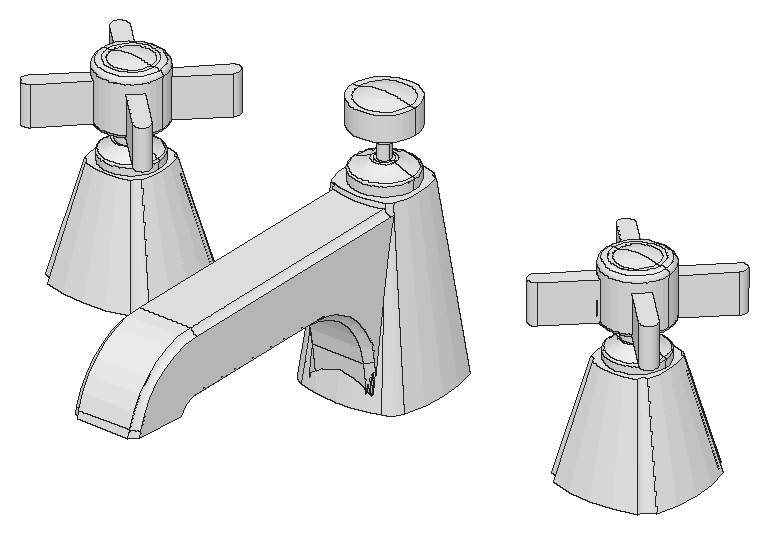
Revit family "Faucet_Traditional_Guinevere_TL970DD_TOTO", category Plumbing Fixtures, Revit 2013
Parameters
  ecoScorecard_data = " "
  ecoScorecard Product Page = "  "
  Width [instance] = 10"
  Waste Connection = no
  Warranty URL = "http://www.totousa.com/warranty-registration"
  Warranty = "Lifetime Limited Warranty (Residential Use); One Year Limited (Commercial Use)"  # constant formula
  WFU = 0
  Voltage = 0 V
  Vent Connection = yes
  URL = "http://www.totousa.com"
  Toto BIM Number = "BM-00045"  # constant formula
  Subcategory = "Faucets"  # constant formula
  Style = "Traditional"  # constant formula
  Spec Sheet URL = "http://assets.totousa.com/product-files/SS-00326_TL970DD.pdf"
  Sink Holes Applications = ""
  Shipping Weight = 8.50 lbf
  Series = "Guinevere"  # constant formula
  Product Page URL = " "
  Parts Manual URL = " "
  Owners Manual URL = "  "
  Number of Poles = 1
  Model = "TL970DD"  # constant formula
  Manufacturer Toll Free Phone = "1-888-295-8134\r\n"  # constant formula
  Manufacturer Phone = "(770) 282-8686 \r\n"  # constant formula
  Manufacturer Fax = "(770) 282-0002"  # constant formula
  Manufacturer Email = "mailto:custservice@totousa.com "
  Manufacturer Address = "1155 Southern Road, Morrow, Georgia 30260"  # constant formula
  Manufacturer = "TOTO USA, Inc."  # constant formula
  Installation URL = " "
  Hot Water Connection NPT Radius = Hot Water Connection Diameter / 2  # 1/4"
  Hot Water Connection Diameter = 1/2"
  Height = 4"  # constant formula
  HWFU = 0
  HW Connection = yes
  Frequency = 0 Hz
  Flow Rate = 0 GPM
  Flow Pressure [instance] = 0.00 psi
  Finish = Metal - TOTO - Chrome - Polished
  Description = "Widespread Lavatory Faucet"  # constant formula
  Depth = 6 1/2"  # constant formula
  Default Elevation = 48"
  Current = 0 A
  Cost Info = "mailto:custservice@totousa.com "
  Color Availability = "#CP Polished Chrome, #BN Brushed Nickel, #PN Polished Nickel"
  Cold Water Connection NPT Radius = Cold Water Connection Diameter / 2  # 1/4"
  Cold Water Connection Diameter = 1/2"
  CWFU = 0
  CW Connection = yes
  CAD Drawing URL = "http://assets.totousa.com/product-files/AD-00048_TL970DD.dxf"
  Assembly Code = "D2010"
  Apparent Power = 0 VA
  ADA Compliant = no
  95 CSI = "15416"  # constant formula
  04 CSI = "22 41 39"  # constant formula
Reference planes (in)
  plane 1 "Center (Front/Back)": y = 0
  plane 2: z = 0
  plane 3 "Center (Left/Right)": x = 0
  plane 4: z = 4
  plane 5: x = 4
  plane 6: x = -4
  plane 7: z = 1.64
  plane 8: y = 0.66
  plane 9: y = 0.8275
  plane 10: y = -0.66
  plane 11: y = -0.8275
  plane 12: x = 4.66
  plane 13: x = 4.8275
  plane 14: x = 3.34
  plane 15: x = 3.1725
  plane 16: z = 2.22
  plane 17: z = 2.82619
  plane 18: y = 0.9375
  plane 19: y = -5.5625
  plane 20: z = 2.76
  plane 21: y = 0.80257
  plane 22: y = 0.97227
  plane 23: y = -0.80257
  plane 24: y = -0.97227
  plane 25: x = -3.02773
  plane 26: x = -3.19743
  plane 27: x = -4.97227
  plane 28: x = -4.80257
  plane 29: y = 0.42658
  plane 30: y = -0.42658
  plane 31: y = -0.25799
  plane 32: y = 0.25799
  plane 33: x = -3.5723
  plane 34: x = -4.4277
  plane 35: x = -3.74312
  plane 36: x = -4.25688
  plane 37: y = 0.80257
  plane 38: y = 0.97227
  plane 39: y = -0.80257
  plane 40: y = -0.97227
  plane 41: x = 3.02773
  plane 42: x = 3.19743
  plane 43: x = 4.97227
  plane 44: x = 4.80257
  plane 45: y = 0.42658
  plane 46: y = -0.42658
  plane 47: y = -0.25799
  plane 48: y = 0.25799
  plane 49: x = 3.5723
  plane 50: x = 4.4277
  plane 51: x = 3.74312
  plane 52: x = 4.25688
  plane 53: x = -5.00742
  plane 54: x = 5.00742
  plane 55: x = 0.5
  plane 56: x = -0.5
  plane 57: y = -0.36348
  plane 58: z = 3.0625
  plane 59: y = 1.00742
Forms (in)
  SweptBlend 1, solid, material "Metal - TOTO - Chrome - Polished" <- "Finish"
    path origin (0, 0, 0) x (1, 0, 0) y (0, 0, 1)
      loop
        line (-4, 0) -> (-4, 1.64)
    profile origin (-4, 0, 0) x (-1, 0, 0) y (0, -1, 0)
      loop
        arc (0.8275, 0.66) -> (0.71615, 0.71615) -> (0.66, 0.8275) r 0.19922
        arc (0.66, 0.8275) -> (0, 0.9375) -> (-0.66, 0.8275) r 2.035
        arc (-0.66, 0.8275) -> (-0.71615, 0.71615) -> (-0.8275, 0.66) r 0.19922
        arc (-0.8275, 0.66) -> (-0.9375, 0) -> (-0.8275, -0.66) r 2.035
        arc (-0.8275, -0.66) -> (-0.71615, -0.71615) -> (-0.66, -0.8275) r 0.19922
        arc (-0.66, -0.8275) -> (0, -0.9375) -> (0.66, -0.8275) r 2.035
        arc (0.66, -0.8275) -> (0.71615, -0.71615) -> (0.8275, -0.66) r 0.19922
        arc (0.8275, -0.66) -> (0.9375, 0) -> (0.8275, 0.66) r 2.035
    end profile origin (-4, 0, 1.64) x (-1, 0, 0) y (0, -1, 0)
      loop
        arc (0.44575, 0.35552) -> (0.38577, 0.38577) -> (0.35552, 0.44575) r 0.10731
        arc (0.35552, 0.44575) -> (0, 0.505) -> (-0.35552, 0.44575) r 1.09619
        arc (-0.35552, 0.44575) -> (-0.38577, 0.38577) -> (-0.44575, 0.35552) r 0.10731
        arc (-0.44575, 0.35552) -> (-0.505, 0) -> (-0.44575, -0.35552) r 1.09619
        arc (-0.44575, -0.35552) -> (-0.38577, -0.38577) -> (-0.35552, -0.44575) r 0.10731
        arc (-0.35552, -0.44575) -> (0, -0.505) -> (0.35552, -0.44575) r 1.09619
        arc (0.35552, -0.44575) -> (0.38577, -0.38577) -> (0.44575, -0.35552) r 0.10731
        arc (0.44575, -0.35552) -> (0.505, 0) -> (0.44575, 0.35552) r 1.09619
  SweptBlend 2, solid, material "Metal - TOTO - Chrome - Polished" <- "Finish"
    path origin (0, 0, 0) x (-1, 0, 0) y (0, 0, 1)
      loop
        line (-4, 0) -> (-4, 1.64)
    profile origin (4, 0, 0) x (-1, 0, 0) y (0, -1, 0)
      loop
        arc (-0.8275, 0.66) -> (-0.9375, 0) -> (-0.8275, -0.66) r 2.035
        arc (-0.8275, -0.66) -> (-0.71615, -0.71615) -> (-0.66, -0.8275) r 0.19922
        arc (-0.66, -0.8275) -> (0, -0.9375) -> (0.66, -0.8275) r 2.035
        arc (0.66, -0.8275) -> (0.71615, -0.71615) -> (0.8275, -0.66) r 0.19922
        arc (0.8275, -0.66) -> (0.9375, 0) -> (0.8275, 0.66) r 2.035
        arc (0.8275, 0.66) -> (0.71615, 0.71615) -> (0.66, 0.8275) r 0.19922
        arc (0.66, 0.8275) -> (0, 0.9375) -> (-0.66, 0.8275) r 2.035
        arc (-0.66, 0.8275) -> (-0.71615, 0.71615) -> (-0.8275, 0.66) r 0.19922
    end profile origin (4, 0, 1.64) x (-1, 0, 0) y (0, -1, 0)
      loop
        arc (-0.44575, 0.35552) -> (-0.505, 0) -> (-0.44575, -0.35552) r 1.09619
        arc (-0.44575, -0.35552) -> (-0.38577, -0.38577) -> (-0.35552, -0.44575) r 0.10731
        arc (-0.35552, -0.44575) -> (0, -0.505) -> (0.35552, -0.44575) r 1.09619
        arc (0.35552, -0.44575) -> (0.38577, -0.38577) -> (0.44575, -0.35552) r 0.10731
        arc (0.44575, -0.35552) -> (0.505, 0) -> (0.44575, 0.35552) r 1.09619
        arc (0.44575, 0.35552) -> (0.38577, 0.38577) -> (0.35552, 0.44575) r 0.10731
        arc (0.35552, 0.44575) -> (0, 0.505) -> (-0.35552, 0.44575) r 1.09619
        arc (-0.35552, 0.44575) -> (-0.38577, 0.38577) -> (-0.44575, 0.35552) r 0.10731
  Revolve 3, solid, material "Metal - TOTO - Chrome - Polished" <- "Finish"
    sketch origin (0, 0, 0) x (1, 0, 0) y (0, 0, 1)
      loop
        line (-4, 1.64) -> (-3.55859, 1.64) -> (-3.55859, 1.74522)
        arc (-3.55859, 1.74522) -> (-3.56437, 1.76572) -> (-3.57998, 1.78019) r 0.03929
        arc (-3.57998, 1.78019) -> (-3.67631, 1.84805) -> (-3.75, 1.94) r 0.42
        line (-3.75, 1.94) -> (-3.785, 1.94) -> (-3.785, 2.11441)
        arc (-3.785, 2.11441) -> (-3.75993, 2.17493) -> (-3.69941, 2.2) r 0.08559
        line (-3.69941, 2.2) -> (-3.52873, 2.2)
        arc (-3.52873, 2.2) -> (-3.50842, 2.20842) -> (-3.5, 2.22873) r 0.02873
        line (-3.5, 2.22873) -> (-3.5, 2.96242)
        arc (-3.5, 2.96242) -> (-3.51285, 3.0088) -> (-3.54774, 3.04195) r 0.09012
        arc (-3.54774, 3.04195) -> (-3.58761, 3.05729) -> (-3.63, 3.0625) r 0.17493
        line (-3.63, 3.0625) -> (-4, 3.0625) -> (-4, 1.64)
      axis (-4, 1.64) -> (-4, 3.0625)
    angle from 0 to 360
  Revolve 4, solid, material "Metal - TOTO - Chrome - Polished" <- "Finish"
    sketch origin (0, 0, 0) x (-1, 0, 0) y (0, 0, 1)
      loop
        line (-4, 1.64) -> (-3.55859, 1.64) -> (-3.55859, 1.74522)
        arc (-3.55859, 1.74522) -> (-3.56437, 1.76572) -> (-3.57998, 1.78019) r 0.03929
        arc (-3.57998, 1.78019) -> (-3.67631, 1.84805) -> (-3.75, 1.94) r 0.42
        line (-3.75, 1.94) -> (-3.785, 1.94) -> (-3.785, 2.11441)
        arc (-3.785, 2.11441) -> (-3.75993, 2.17493) -> (-3.69941, 2.2) r 0.08559
        line (-3.69941, 2.2) -> (-3.52873, 2.2)
        arc (-3.52873, 2.2) -> (-3.50842, 2.20842) -> (-3.5, 2.22873) r 0.02873
        line (-3.5, 2.22873) -> (-3.5, 2.96242)
        arc (-3.5, 2.96242) -> (-3.51285, 3.0088) -> (-3.54774, 3.04195) r 0.09012
        arc (-3.54774, 3.04195) -> (-3.58761, 3.05729) -> (-3.63, 3.0625) r 0.17493
        line (-3.63, 3.0625) -> (-4, 3.0625) -> (-4, 1.64)
      axis (-4, 1.64) -> (-4, 3.0625)
    angle from 0 to 360
  Extrusion 5, solid, material "Metal - TOTO - Chrome - Polished" <- "Finish"
    sketch origin (2.5, -180, 2.82619) x (-1, 0, 0) y (0, -1, 0)
      loop
        line (6.0723, -180.25799) -> (5.52773, -180.80257)
        arc (5.52773, -180.80257) -> (5.52773, -180.97227) -> (5.69743, -180.97227) r 0.12
        line (5.69743, -180.97227) -> (6.24312, -180.42658)
        arc (6.24312, -180.42658) -> (6.14735, -180.35278) -> (6.0723, -180.25799) r 0.49567
      loop
        arc (6.9277, -180.25799) -> (6.85265, -180.35278) -> (6.75688, -180.42658) r 0.49567
        line (6.75688, -180.42658) -> (7.30257, -180.97227)
        arc (7.30257, -180.97227) -> (7.47227, -180.97227) -> (7.47227, -180.80257) r 0.12
        line (7.47227, -180.80257) -> (6.9277, -180.25799)
      loop
        arc (6.0723, -179.74201) -> (6.14735, -179.64722) -> (6.24312, -179.57342) r 0.49567
        line (6.24312, -179.57342) -> (5.69743, -179.02773)
        arc (5.69743, -179.02773) -> (5.52773, -179.02773) -> (5.52773, -179.19743) r 0.12
        line (5.52773, -179.19743) -> (6.0723, -179.74201)
      loop
        line (6.9277, -179.74201) -> (7.47227, -179.19743)
        arc (7.47227, -179.19743) -> (7.47227, -179.02773) -> (7.30257, -179.02773) r 0.12
        line (7.30257, -179.02773) -> (6.75688, -179.57342)
        arc (6.75688, -179.57342) -> (6.85265, -179.64722) -> (6.9277, -179.74201) r 0.49567
    from -0.60619 to 0
  SweptBlend 6, solid, material "Metal - TOTO - Chrome - Polished" <- "Finish"
    path origin (0, 0, 0) x (1, 0, 0) y (0, 0, 1)
      loop
        line (0, 0) -> (0, 2.76)
    profile origin (0, 0, 0) x (-1, 0, 0) y (0, -1, 0)
      loop
        arc (0.83545, 0.63634) -> (0.75959, 0.75959) -> (0.63634, 0.83545) r 0.3125
        arc (0.63634, 0.83545) -> (0, 0.9375) -> (-0.63634, 0.83545) r 2.035
        arc (-0.63634, 0.83545) -> (-0.75959, 0.75959) -> (-0.83545, 0.63634) r 0.3125
        arc (-0.83545, 0.63634) -> (-0.93746, -0.01248) -> (-0.8275, -0.66) r 2.035
        arc (-0.8275, -0.66) -> (-0.71615, -0.71615) -> (-0.66, -0.8275) r 0.19922
        arc (-0.66, -0.8275) -> (0, -0.9375) -> (0.66, -0.8275) r 2.035
        arc (0.66, -0.8275) -> (0.71615, -0.71615) -> (0.8275, -0.66) r 0.19922
        arc (0.8275, -0.66) -> (0.93746, -0.01248) -> (0.83545, 0.63634) r 2.035
    end profile origin (0, 0, 2.76) x (-1, 0, 0) y (0, -1, 0)
      loop
        arc (0.48781, 0.41267) -> (0.45862, 0.45862) -> (0.41267, 0.48781) r 0.125
        arc (0.41267, 0.48781) -> (0, 0.56) -> (-0.41267, 0.48781) r 1.21557
        arc (-0.41267, 0.48781) -> (-0.45862, 0.45862) -> (-0.48781, 0.41267) r 0.125
        arc (-0.48781, 0.41267) -> (-0.55996, 0.00977) -> (-0.49429, -0.39424) r 1.21557
        arc (-0.49429, -0.39424) -> (-0.42778, -0.42778) -> (-0.39424, -0.49429) r 0.119
        arc (-0.39424, -0.49429) -> (0, -0.56) -> (0.39424, -0.49429) r 1.21557
        arc (0.39424, -0.49429) -> (0.42778, -0.42778) -> (0.49429, -0.39424) r 0.119
        arc (0.49429, -0.39424) -> (0.55996, 0.00977) -> (0.48781, 0.41267) r 1.21557
  Revolve 7, solid, material "Metal - TOTO - Chrome - Polished" <- "Finish"
    sketch origin (0, 0, 0) x (1, 0, 0) y (0, 0, 1)
      loop
        line (0, 4) -> (0, 2.76) -> (0.47, 2.76) -> (0.47, 2.90518)
        arc (0.47, 2.90518) -> (0.46316, 2.92363) -> (0.44596, 2.93317) r 0.02832
        arc (0.44596, 2.93317) -> (0.30231, 2.97407) -> (0.17337, 3.04943) r 0.59523
        arc (0.17337, 3.04943) -> (0.15868, 3.05728) -> (0.14224, 3.06) r 0.05113
        line (0.14224, 3.06) -> (0.08984, 3.06) -> (0.08984, 3.32625) -> (0.15, 3.32625) -> (0.15, 3.42841)
        arc (0.15, 3.42841) -> (0.18415, 3.51085) -> (0.26659, 3.545) r 0.11659
        line (0.26659, 3.545) -> (0.31292, 3.545) -> (0.49, 3.545) -> (0.49, 3.925) -> (0.40146, 3.925)
        arc (0.40146, 3.925) -> (0.2042, 3.98109) -> (0, 4) r 1.11196
      axis (0, 2.76) -> (0, 4)
    angle from 0 to 360
  Extrusion 8, solid, material "Metal - TOTO - Chrome - Polished" <- "Finish"
    sketch origin (-2.5, -180, 2.82619) x (1, 0, 0) y (0, 1, 0)
      loop
        arc (6.0723, 180.25799) -> (6.14735, 180.35278) -> (6.24312, 180.42658) r 0.49567
        line (6.24312, 180.42658) -> (5.69743, 180.97227)
        arc (5.69743, 180.97227) -> (5.52773, 180.97227) -> (5.52773, 180.80257) r 0.12
        line (5.52773, 180.80257) -> (6.0723, 180.25799)
      loop
        line (6.9277, 180.25799) -> (7.47227, 180.80257)
        arc (7.47227, 180.80257) -> (7.47227, 180.97227) -> (7.30257, 180.97227) r 0.12
        line (7.30257, 180.97227) -> (6.75688, 180.42658)
        arc (6.75688, 180.42658) -> (6.85265, 180.35278) -> (6.9277, 180.25799) r 0.49567
      loop
        line (6.0723, 179.74201) -> (5.52773, 179.19743)
        arc (5.52773, 179.19743) -> (5.52773, 179.02773) -> (5.69743, 179.02773) r 0.12
        line (5.69743, 179.02773) -> (6.24312, 179.57342)
        arc (6.24312, 179.57342) -> (6.14735, 179.64722) -> (6.0723, 179.74201) r 0.49567
      loop
        arc (6.9277, 179.74201) -> (6.85265, 179.64722) -> (6.75688, 179.57342) r 0.49567
        line (6.75688, 179.57342) -> (7.30257, 179.02773)
        arc (7.30257, 179.02773) -> (7.47227, 179.02773) -> (7.47227, 179.19743) r 0.12
        line (7.47227, 179.19743) -> (6.9277, 179.74201)
    from -0.60619 to 0
  Extrusion 9, solid, material "Metal - TOTO - Chrome - Polished" <- "Finish"
    sketch origin (0, 0, 0) x (0, 1, 0) y (0, 0, 1)
      loop
        line (-4.32735, 1.69) -> (-2.0447, 1.69)
        arc (-2.0447, 1.69) -> (-1.27995, 1.39834) -> (-0.90363, 0.67151) r 1.14844
        line (-0.90363, 0.67151) -> (-0.83528, 0.07131) -> (-0.62911, 0.07131) -> (-0.36348, 2.69) -> (-4.32735, 2.69)
        arc (-4.32735, 2.69) -> (-5.08831, 2.43169) -> (-5.53476, 1.76352) r 1.25
        line (-5.53476, 1.76352) -> (-5.5625, 1.66) -> (-4.59657, 1.40118) -> (-4.56884, 1.5047)
        arc (-4.56884, 1.5047) -> (-4.47954, 1.63834) -> (-4.32735, 1.69) r 0.25
    from 0.5 to -0.5
  Sweep 10, void
    path origin (0, 0, 0) x (0, 1, 0) y (0, 0, 1)
      loop
        line (-0.36348, 2.69) -> (-4.32735, 2.69)
        arc (-4.32735, 2.69) -> (-5.08831, 2.43169) -> (-5.53476, 1.76352) r 1.25
        line (-5.53476, 1.76352) -> (-5.5625, 1.66)
    profile origin (0, -2.34542, 2.69) x (0, 0, -1) y (1, 0, 0)
      loop
        line (0, -0.5) -> (0.1, -0.5)
        arc (0.1, -0.5) -> (0.05917, -0.44083) -> (0, -0.4) r 0.19922
        line (0, -0.4) -> (0, -0.5)
      loop
        line (0, 0.5) -> (0, 0.4)
        arc (0, 0.4) -> (0.05917, 0.44083) -> (0.1, 0.5) r 0.19922
        line (0.1, 0.5) -> (0, 0.5)
  Sweep 11, void
    path origin (0, 0, 0) x (0, 1, 0) y (0, 0, 1)
      loop
        line (-4.59657, 1.40118) -> (-4.56884, 1.5047)
        arc (-4.56884, 1.5047) -> (-4.47954, 1.63834) -> (-4.32735, 1.69) r 0.25
        line (-4.32735, 1.69) -> (-2.0447, 1.69)
        arc (-2.0447, 1.69) -> (-1.27995, 1.39834) -> (-0.90363, 0.67151) r 1.14844
        line (-0.90363, 0.67151) -> (-0.83528, 0.07131)
    profile origin (0, -3.18602, 1.69) x (0, 0, 1) y (1, 0, 0)
      loop
        line (0, -0.5) -> (0.1, -0.5)
        arc (0.1, -0.5) -> (0.05917, -0.44083) -> (0, -0.4) r 0.19922
        line (0, -0.4) -> (0, -0.5)
      loop
        line (0, 0.5) -> (0, 0.4)
        arc (0, 0.4) -> (0.05917, 0.44083) -> (0.1, 0.5) r 0.19922
        line (0.1, 0.5) -> (0, 0.5)
  Extrusion 12, solid, material "Metal - TOTO - Chrome - Polished" <- "Finish"
    sketch origin (0, 0, 0) x (1, 0, 0) y (0, 1, 0)
      loop
        circle (4, 0) r 0.25
      loop
        circle (-4, 0) r 0.25
    from 0 to -0.125
  Revolve 13, solid, material "Metal - TOTO - Chrome - Polished" <- "Finish"
    sketch origin (0, 0, 0) x (1, 0, 0) y (0, 0, 1)
      loop
        line (-4, 3.0625) -> (-4, 3.1125)
        arc (-4, 3.1125) -> (-4.157, 3.09992) -> (-4.31, 3.0625) r 0.986
        line (-4.31, 3.0625) -> (-4, 3.0625)
      axis (-4, 3.0625) -> (-4, 3.1125)
    angle from 0 to 360
  Revolve 14, solid, material "Metal - TOTO - Chrome - Polished" <- "Finish"
    sketch origin (0, 0, 0) x (1, 0, 0) y (0, 0, 1)
      loop
        line (4, 3.0625) -> (4, 3.1125)
        arc (4, 3.1125) -> (3.843, 3.09992) -> (3.69, 3.0625) r 0.986
        line (3.69, 3.0625) -> (4, 3.0625)
      axis (4, 3.0625) -> (4, 3.1125)
    angle from 0 to 360
  Extrusion 15, void
    sketch origin (-0.5, -180, 2.69) x (0, 0, 1) y (0, 1, 0)
      loop
        line (-1.03, 174.4375) -> (-1.10122, 175.47174) -> (-1.35122, 175.47174) -> (-1.35122, 174.4375) -> (-1.03, 174.4375)
    from 0 to -1
Cuts and joins
  Sweep 10, Sweep 11, Extrusion 15 cuts Extrusion 9
  Sweep 11 cuts SweptBlend 6
Dimensions and locks (in)
  "Height": plane 4 to plane 2
  locked: plane 7 to plane 2 at 1.64
  locked: plane 1 "Center (Front/Back)" to SweptBlend 1 sketch curve at 0.66  (x2)
  locked: plane 1 "Center (Front/Back)" to SweptBlend 1 sketch curve at 0.8275  (x2)
  locked: SweptBlend 1 sketch curve to plane 1 "Center (Front/Back)" at 0.66  (x2)
  locked: SweptBlend 1 sketch curve to plane 1 "Center (Front/Back)" at 0.8275  (x2)
  locked: SweptBlend 1 sketch curve to plane 6 at 0.66  (x2)
  locked: SweptBlend 1 sketch curve to plane 6 at 0.8275  (x2)
  locked: plane 6 to SweptBlend 1 sketch curve at 0.66  (x2)
  locked: plane 6 to SweptBlend 1 sketch curve at 0.8275  (x2)
  locked: plane 1 "Center (Front/Back)" to SweptBlend 1 sketch curve at 0.35552
  locked: plane 1 "Center (Front/Back)" to SweptBlend 1 sketch curve at 0.44575
  locked: SweptBlend 1 sketch curve to plane 1 "Center (Front/Back)" at 0.35552
  locked: SweptBlend 1 sketch curve to plane 1 "Center (Front/Back)" at 0.44575
  locked: SweptBlend 1 sketch curve to plane 6 at 0.35552  (x2)
  locked: SweptBlend 1 sketch curve to plane 6 at 0.44575  (x2)
  SweptBlend 1 sketch curve to plane 1 "Center (Front/Back)" to SweptBlend 1 sketch curve = 0.35552" locked, 0.35552" locked
  SweptBlend 1 sketch curve to plane 1 "Center (Front/Back)" to SweptBlend 1 sketch curve = 0.44575" locked, 0.44575" locked
  plane 6 to SweptBlend 1 sketch curve to SweptBlend 1 sketch curve = 0.35552" locked, 0.09023" locked  (x2)
  SweptBlend 2 sketch curve to SweptBlend 2 sketch curve = 0.71104"
  SweptBlend 2 sketch curve to SweptBlend 2 sketch curve = 0.89149"
  locked: SweptBlend 2 sketch curve to SweptBlend 2 sketch curve at 0.09023  (x2)
  locked: plane 1 "Center (Front/Back)" to plane 18 at 0.9375
  equal spacing: plane 6, plane 3 "Center (Left/Right)", plane 5
  plane 6 to plane 5 = 8"
  locked: plane 20 to plane 2 at 2.76
  locked: Revolve 7 sketch curve to plane 3 "Center (Left/Right)" at 0.49
  locked: Revolve 7 sketch curve to plane 3 "Center (Left/Right)" at 0.47
  Revolve 7 sketch curve to Revolve 7 sketch curve to Revolve 7 sketch curve to Revolve 7 sketch curve to Revolve 7 sketch curve to plane 20 = 0.38" locked, 7/32" locked, 0.26625" locked, 0.15482" locked, 0.14518" locked
  locked: plane 3 "Center (Left/Right)" to Revolve 7 sketch curve at 0.08984
  plane 24 to plane 23 to plane 1 "Center (Front/Back)" to plane 21 to plane 22 = 0.16971" locked, 0.80257" locked, 0.80257" locked, 0.16971" locked
  plane 27 to plane 28 to plane 6 to plane 26 to plane 25 = 0.16971" locked, 0.80257" locked, 0.80257" locked, 0.16971" locked
  plane 30 to plane 31 to plane 1 "Center (Front/Back)" to plane 32 to plane 29 = 0.16859" locked, 0.25799" locked, 0.25799" locked, 0.16859" locked
  plane 34 to plane 36 to plane 6 to plane 35 to plane 33 = 0.17082" locked, 0.25688" locked, 0.25688" locked, 0.17082" locked
  "Depth": plane 19 to plane 18
  plane 40 to plane 39 to plane 1 "Center (Front/Back)" to plane 37 to plane 38 = 0.16971" locked, 0.80257" locked, 0.80257" locked, 0.16971" locked
  plane 41 to plane 42 to plane 5 to plane 44 to plane 43 = 0.16971" locked, 0.80257" locked, 0.80257" locked, 0.16971" locked
  plane 46 to plane 47 to plane 1 "Center (Front/Back)" to plane 48 to plane 45 = 0.16859" locked, 0.25799" locked, 0.25799" locked, 0.16859" locked
  plane 49 to plane 51 to plane 5 to plane 52 to plane 50 = 0.17082" locked, 0.25688" locked, 0.25688" locked, 0.17082" locked
  locked: plane 53 to plane 6 at 1.00742
  locked: plane 5 to plane 54 at 1.00742
  Extrusion 9 sketch curve to Extrusion 9 sketch curve to plane 2 = 1" locked, 1.69" locked
  locked: Extrusion 9 sketch curve to plane 2 at 1.40118
  locked: Extrusion 9 sketch curve to plane 19 at 0.96593
  locked: Extrusion 9 sketch curve to plane 2 at 1.66
  locked: Extrusion 9 sketch curve to plane 2 at 0.07131
  plane 1 "Center (Front/Back)" to Extrusion 9 sketch curve to Extrusion 9 sketch curve = 0.62911" locked, 0.20618" locked
  locked: plane 1 "Center (Front/Back)" to Extrusion 9 sketch curve at 0.36348
  equal spacing: plane 55, plane 3 "Center (Left/Right)", plane 56, locked at 0.5 each
  locked: plane 55 to plane 56 at 1
  locked: plane 57 to plane 1 "Center (Front/Back)" at 0.36348
  equal spacing: Sweep 10 sketch curve, plane 3 "Center (Left/Right)", Sweep 10 sketch curve, locked at 0.5 each
  locked: Sweep 11 sketch curve to plane 2 at 1.69  (x2)
  locked: plane 1 "Center (Front/Back)" to Extrusion 12 sketch curve at 0  (x2)
  locked: plane 6 to Extrusion 12 sketch curve at 0
  locked: plane 5 to Extrusion 12 sketch curve at 0
  locked: plane 2 to Extrusion 12 at 0.125
  plane 15 to plane 14 to plane 5 to plane 12 to plane 13 = 0.1675" locked, 0.66" locked, 0.66" locked, 0.1675" locked
  plane 11 to plane 10 to plane 1 "Center (Front/Back)" to plane 8 to plane 9 = 0.1675" locked, 0.66" locked, 0.66" locked, 0.1675" locked
  locked: plane 6 to Revolve 13 sketch curve at 0.31
  Extrusion 15 sketch curve to plane 7 to Extrusion 15 sketch curve = 0.02" locked, 0.30122" locked
  locked: Extrusion 15 sketch curve to plane 19 at 1.03424
  locked: plane 58 to plane 2 at 3.0625
  locked: Revolve 13 sketch curve to plane 58 at 0.05
  locked: Revolve 3 sketch curve to plane 6 at 0.5
  locked: Revolve 3 sketch curve to plane 7 at 0.56
  locked: Revolve 3 sketch curve to plane 6 at 0.215
  Revolve 3 sketch curve to plane 7 = 0.3"
  locked: Revolve 3 sketch curve to plane 6 at 0.44141
  locked: Revolve 14 sketch curve to plane 5 at 0.31
  locked: Revolve 14 sketch curve to plane 58 at 0.05
  plane 58 to Revolve 4 sketch curve to Revolve 4 sketch curve = 0.8625" locked, 0.26" locked
  Revolve 4 sketch curve to Revolve 4 sketch curve to Revolve 4 sketch curve to plane 5 = 15/256" locked, 0.22641" locked, 0.215" locked
  locked: plane 17 to plane 2 at 2.82619
  locked: plane 18 to plane 59 at 0.06992
  radius of SweptBlend 1 sketch curve = 2.035"  (x4)
  radius of SweptBlend 1 sketch curve = 1.09619"  (x4)
  radius of SweptBlend 2 sketch curve = 1.09619"  (x4)
  radius of Extrusion 5 sketch curve = 0.12"  (x5)
  radius of Revolve 7 sketch curve = 1.11196"
  radius of Revolve 7 sketch curve = 0.11659"
  radius of Revolve 7 sketch curve = 0.59523"
  radius of Extrusion 8 sketch curve = 0.12"  (x4)
  radius of Extrusion 9 sketch curve = 1 19/128"
  radius of Extrusion 9 sketch curve = 1 1/4"
  radius of Extrusion 9 sketch curve = 1/4"
  radius of Sweep 10 sketch curve = 51/256"  (x2)
  radius of Sweep 11 sketch curve = 51/256"  (x2)
  locked: Extrusion 12 sketch curve to Extrusion 12 sketch curve (radius 1/4")  (x2)
  radius of Revolve 3 sketch curve = 0.42"
  radius of Revolve 3 sketch curve = 0.08559"
  radius of Revolve 3 sketch curve = 0.09012"
  radius of Revolve 3 sketch curve = 0.17493"
  radius of Revolve 14 sketch curve = 0.986"
  radius of Revolve 4 sketch curve = 0.42"
  radius of Revolve 4 sketch curve = 0.08559"
  radius of Revolve 4 sketch curve = 0.17493"
  radius of Revolve 4 sketch curve = 0.09012"
  aligned and locked: level to SweptBlend 1 sketch curve
  aligned and locked: plane 6 to SweptBlend 1 sketch curve
  aligned and locked: plane 7 to SweptBlend 1 sketch curve
  aligned and locked: plane 8 to SweptBlend 2 sketch curve  (x2)
  aligned and locked: plane 10 to SweptBlend 2 sketch curve  (x2)
  aligned and locked: plane 11 to SweptBlend 2 sketch curve  (x2)
  aligned and locked: plane 13 to SweptBlend 2 sketch curve  (x2)
  aligned and locked: plane 14 to SweptBlend 2 sketch curve  (x2)
  aligned and locked: plane 9 to SweptBlend 2 sketch curve  (x2)
  aligned and locked: plane 12 to SweptBlend 2 sketch curve  (x2)
  aligned and locked: plane 6 to Revolve 3 sketch curve  (x2)
  aligned and locked: plane 7 to Revolve 3 sketch curve  (x2)
  aligned and locked: Revolve 4 sketch curve to plane 5  (x2)
  aligned and locked: Revolve 4 sketch curve to plane 7
  aligned and locked: Extrusion 5 to plane 16
  aligned and locked: plane 17 to Extrusion 5
  aligned and locked: plane 3 "Center (Left/Right)" to SweptBlend 6 sketch curve
  aligned and locked: plane 20 to SweptBlend 6 sketch curve
  aligned and locked: plane 2 to SweptBlend 6 sketch curve
  aligned and locked: plane 3 "Center (Left/Right)" to Revolve 7 sketch curve
  aligned and locked: Revolve 7 sketch curve to plane 3 "Center (Left/Right)"
  aligned and locked: plane 25 to Extrusion 5 sketch curve  (x2)
  aligned and locked: plane 21 to Extrusion 5 sketch curve  (x2)
  aligned and locked: plane 26 to Extrusion 5 sketch curve  (x2)
  aligned and locked: plane 23 to Extrusion 5 sketch curve  (x2)
  aligned and locked: plane 28 to Extrusion 5 sketch curve
  aligned and locked: plane 27 to Extrusion 5 sketch curve  (x2)
  aligned and locked: plane 22 to Extrusion 5 sketch curve
  aligned and locked: plane 36 to Extrusion 5 sketch curve  (x2)
  aligned and locked: plane 29 to Extrusion 5 sketch curve  (x2)
  aligned and locked: plane 32 to Extrusion 5 sketch curve  (x2)
  aligned and locked: plane 34 to Extrusion 5 sketch curve  (x2)
  aligned and locked: plane 33 to Extrusion 5 sketch curve  (x2)
  aligned and locked: plane 35 to Extrusion 5 sketch curve  (x2)
  aligned and locked: plane 30 to Extrusion 5 sketch curve  (x2)
  aligned and locked: plane 31 to Extrusion 5 sketch curve  (x2)
  aligned and locked: plane 41 to Extrusion 8 sketch curve  (x2)
  aligned and locked: Extrusion 8 sketch curve to plane 37  (x2)
  aligned and locked: plane 42 to Extrusion 8 sketch curve  (x2)
  aligned and locked: Extrusion 8 sketch curve to plane 39  (x2)
  aligned and locked: plane 44 to Extrusion 8 sketch curve
  aligned and locked: plane 43 to Extrusion 8 sketch curve  (x2)
  aligned and locked: Extrusion 8 sketch curve to plane 38
  aligned and locked: plane 52 to Extrusion 8 sketch curve  (x2)
  aligned and locked: Extrusion 8 sketch curve to plane 45  (x2)
  aligned and locked: Extrusion 8 sketch curve to plane 48  (x2)
  aligned and locked: plane 50 to Extrusion 8 sketch curve  (x2)
  aligned and locked: plane 49 to Extrusion 8 sketch curve  (x2)
  aligned and locked: plane 51 to Extrusion 8 sketch curve  (x2)
  aligned and locked: Extrusion 8 sketch curve to plane 46  (x2)
  aligned and locked: Extrusion 8 sketch curve to plane 47  (x2)
  aligned and locked: Extrusion 8 to plane 16
  aligned and locked: plane 17 to Extrusion 8
  aligned and locked: plane 19 to Extrusion 9 sketch curve
  aligned and locked: Extrusion 9 to plane 55
  aligned and locked: Extrusion 9 to plane 56
  aligned and locked: Sweep 10 sketch curve to Extrusion 9  (x3)
  aligned and locked: plane 55 to Sweep 10 sketch curve
  aligned and locked: Sweep 11 sketch curve to cut or joined group of Extrusion 9, Sweep 10, Sweep 11, Extrusion 15  (x3)
  aligned and locked: Sweep 11 sketch curve to plane 55
  aligned and locked: plane 56 to Sweep 11 sketch curve
  aligned and locked: plane 2 to Extrusion 12
  aligned and locked: Extrusion 12 to plane 2
  aligned and locked: SweptBlend 2 sketch curve to plane 5
  aligned and locked: profile plane to plane 5
  aligned and locked: plane 15 to SweptBlend 2 sketch curve  (x2)
  aligned and locked: plane 6 to Revolve 13 sketch curve  (x3)
  aligned and locked: Revolve 14 sketch curve to plane 5
  aligned and locked: plane 19 to Extrusion 15 sketch curve
  aligned and locked: Extrusion 15 to Extrusion 9
  aligned and locked: Extrusion 9 to Extrusion 15
  aligned and locked: plane 58 to Revolve 13 sketch curve  (x2)
  aligned and locked: plane 58 to Revolve 3 sketch curve  (x2)
  aligned and locked: plane 58 to Revolve 14 sketch curve
  aligned and locked: Revolve 14 sketch curve to Revolve 14 sketch curve
  aligned and locked: plane 58 to Revolve 4 sketch curve  (x2)
Automatic sketch dimensions
  SweptBlend 1 sketch curve to SweptBlend 1 sketch curve = 0.02952"  (x2)
  SweptBlend 1 sketch curve to SweptBlend 1 sketch curve = 0.19702"  (x2)
  SweptBlend 1 sketch curve to SweptBlend 1 sketch curve = 0.10613"  (x2)
  SweptBlend 1 sketch curve to SweptBlend 1 sketch curve = 0.0159"  (x2)
  SweptBlend 2 sketch curve to level = 0"
  SweptBlend 2 sketch curve to plane 7 = 0"
  plane 9 to SweptBlend 2 sketch curve = 0.02952"  (x2)
  plane 11 to SweptBlend 2 sketch curve = 0.02952"  (x2)
  plane 1 "Center (Front/Back)" to SweptBlend 2 sketch curve = 0"  (x2)
  SweptBlend 2 sketch curve to profile plane = 0"  (x2)
  profile plane to SweptBlend 2 sketch curve = 0.35552"  (x2)
  SweptBlend 2 sketch curve to SweptBlend 2 sketch curve = 0.09023"  (x3)
  SweptBlend 2 sketch curve to SweptBlend 2 sketch curve = 0.10613"  (x3)
  SweptBlend 2 sketch curve to SweptBlend 2 sketch curve = 0.14544"  (x2)
  SweptBlend 2 sketch curve to profile plane = 0.35552"
  SweptBlend 2 sketch curve to SweptBlend 2 sketch curve = 0.0159"
  Extrusion 5 sketch curve to Extrusion 5 sketch curve = 0"  (x4)
  plane 18 to Extrusion 5 sketch curve = 0.05008"  (x2)
  plane 23 to Extrusion 5 sketch curve = 0.08485"  (x2)
  plane 1 "Center (Front/Back)" to SweptBlend 6 sketch curve = 0"  (x4)
  SweptBlend 6 sketch curve to profile plane = 0"  (x4)
  profile plane to SweptBlend 6 sketch curve = 0.53862"
  SweptBlend 6 sketch curve to SweptBlend 6 sketch curve = 0.09772"  (x2)
  SweptBlend 6 sketch curve to SweptBlend 6 sketch curve = 0"  (x8)
  profile plane to SweptBlend 6 sketch curve = 0.66"
  SweptBlend 6 sketch curve to SweptBlend 6 sketch curve = 0.1675"  (x3)
  SweptBlend 6 sketch curve to SweptBlend 6 sketch curve = 0.19911"  (x2)
  SweptBlend 6 sketch curve to SweptBlend 6 sketch curve = 0.02952"
  SweptBlend 6 sketch curve to SweptBlend 6 sketch curve = 0.26205"  (x2)
  SweptBlend 6 sketch curve to profile plane = 0.53862"
  SweptBlend 6 sketch curve to profile plane = 0.66"
  SweptBlend 6 sketch curve to SweptBlend 6 sketch curve = 0.19702"
  SweptBlend 6 sketch curve to plane 1 "Center (Front/Back)" = 0.66"
  profile plane to SweptBlend 6 sketch curve = 0.37023"
  profile plane to SweptBlend 6 sketch curve = 0.39424"
  SweptBlend 6 sketch curve to SweptBlend 6 sketch curve = 0.04244"  (x2)
  SweptBlend 6 sketch curve to SweptBlend 6 sketch curve = 0.07514"  (x2)
  SweptBlend 6 sketch curve to SweptBlend 6 sketch curve = 0.10005"  (x3)
  SweptBlend 6 sketch curve to SweptBlend 6 sketch curve = 0.11769"
  SweptBlend 6 sketch curve to SweptBlend 6 sketch curve = 0.16128"
  SweptBlend 6 sketch curve to profile plane = 0.37023"
  SweptBlend 6 sketch curve to profile plane = 0.39424"
  SweptBlend 6 sketch curve to SweptBlend 6 sketch curve = 0.01763"
  SweptBlend 6 sketch curve to plane 1 "Center (Front/Back)" = 0.39424"
  SweptBlend 6 sketch curve to SweptBlend 6 sketch curve = 0.16776"
  Revolve 7 sketch curve to plane 20 = 0"
  Revolve 7 sketch curve to plane 4 = 0"
  Revolve 7 sketch curve to Revolve 7 sketch curve = 0.05239"
  Revolve 7 sketch curve to Revolve 7 sketch curve = 0.06016"
  Revolve 7 sketch curve to Revolve 7 sketch curve = 0.03113"
  Revolve 7 sketch curve to Revolve 7 sketch curve = 0"
  Revolve 7 sketch curve to Revolve 7 sketch curve = 0.04633"
  Revolve 7 sketch curve to Revolve 7 sketch curve = 0.02832"
  Revolve 7 sketch curve to Revolve 7 sketch curve = 0.00428"
  Revolve 7 sketch curve to Revolve 7 sketch curve = 0.33677"
  Revolve 7 sketch curve to Revolve 7 sketch curve = 1/2"
  Extrusion 8 sketch curve to Extrusion 8 sketch curve = 0"  (x4)
  plane 18 to Extrusion 8 sketch curve = 0.05008"  (x2)
  plane 39 to Extrusion 8 sketch curve = 0.08485"  (x2)
  Revolve 3 sketch curve to Revolve 3 sketch curve = 0.035"
  Revolve 3 sketch curve to Revolve 3 sketch curve = 0.03929"
  Revolve 3 sketch curve to Revolve 3 sketch curve = 0.03988"
  Revolve 3 sketch curve to Revolve 3 sketch curve = 0.0179"
  Revolve 3 sketch curve to Revolve 3 sketch curve = 0"  (x2)
  plane 16 to Revolve 3 sketch curve = 0.00873"
  Revolve 3 sketch curve to Revolve 3 sketch curve = 0.11461"
  Revolve 3 sketch curve to plane 4 = 0.37602"
  Revolve 4 sketch curve to Revolve 4 sketch curve = 0.035"
  Revolve 4 sketch curve to Revolve 4 sketch curve = 0.03988"
  Revolve 4 sketch curve to Revolve 4 sketch curve = 0.03929"
  Revolve 4 sketch curve to Revolve 4 sketch curve = 0.0179"
  Revolve 4 sketch curve to Revolve 4 sketch curve = 0"  (x2)
  Revolve 4 sketch curve to plane 16 = 0.00873"
  Revolve 4 sketch curve to Revolve 4 sketch curve = 0.11461"
  plane 4 to Revolve 4 sketch curve = 0.37602"
  Extrusion 9 sketch curve to plane 19 = 0.02774"
  Extrusion 9 sketch curve to Extrusion 9 sketch curve = 0.02774"
  plane 1 "Center (Front/Back)" to Extrusion 9 sketch curve = 2.0447"
  Extrusion 9 sketch curve to plane 7 = 0.96849"
  Sweep 10 sketch curve to plane 57 = 0"
  Sweep 10 sketch curve to plane 19 = 0.02774"
  Sweep 10 sketch curve to plane 19 = 0"
  Sweep 10 sketch curve to profile plane = 0"  (x2)
  profile plane to Sweep 10 sketch curve = 0.0817"  (x2)
  Sweep 10 sketch curve to Sweep 10 sketch curve = 0.0817"
  Sweep 10 sketch curve to Sweep 10 sketch curve = 0.1"
  Sweep 11 sketch curve to plane 7 = 0.1353"
  Sweep 11 sketch curve to Sweep 11 sketch curve = 0.02774"
  plane 57 to Sweep 11 sketch curve = 0.54015"
  level to Sweep 11 sketch curve = 0.07131"
  plane 57 to Sweep 11 sketch curve = 0.4718"
  profile plane to Sweep 11 sketch curve = 0.0817"  (x2)
  Sweep 11 sketch curve to profile plane = 0.1"
  Sweep 11 sketch curve to Sweep 11 sketch curve = 0.0817"
  SweptBlend 2 sketch curve to plane 13 = 0.27"
  SweptBlend 2 sketch curve to plane 15 = 0.27"
  plane 9 to SweptBlend 2 sketch curve = 0.27"
  plane 11 to SweptBlend 2 sketch curve = 0.27"
  plane 7 to Extrusion 15 sketch curve = 0.05122"
  Revolve 13 sketch curve to Revolve 13 sketch curve = 0.025"
  Revolve 13 sketch curve to Revolve 13 sketch curve = 0.01351"
  Revolve 14 sketch curve to plane 58 = 0"
  Revolve 14 sketch curve to Revolve 14 sketch curve = 0.1586"
Connectors (in)
  piping at (-4, 0, -0.125), driven by "Hot Water Connection NPT Radius", driven by "Flow Pressure", driven by "HWFU"
    settings: on Extrusion 12, index 1, connector radius 1/4", flow factor 0, pipe flow 0 GPM, pressure drop 0.00 psi, fitting loss kfactor 0, connector angle 0.00°, fixture units 0, engagement length 0", flow configuration 3, flow direction 1, fitting loss method 4, system type 19, joint type 0, gender type 0, connector reference index -1, connector utility 0, adjustable connector no, is connector primary yes, fitting loss table "", connector description "Hot Water Inlet Connection"
  piping at (4, 0, -0.125), driven by "Cold Water Connection NPT Radius", driven by "CWFU", driven by "Flow Pressure"
    settings: on Extrusion 12, index 2, connector radius 1/4", flow factor 0, pipe flow 0 GPM, pressure drop 0.00 psi, fitting loss kfactor 0, connector angle 0.00°, fixture units 0, engagement length 0", flow configuration 3, flow direction 1, fitting loss method 4, system type 20, joint type 0, gender type 0, connector reference index -1, connector utility 0, adjustable connector no, is connector primary no, fitting loss table "", connector description "Cold Water Inlet Connection"
